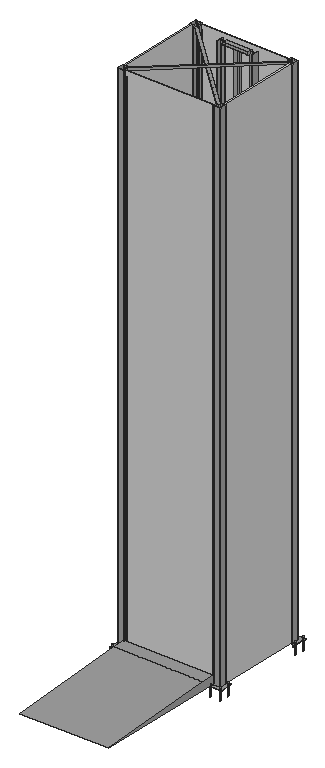
Revit family "SE_Trez_TC_T_300_With_Ramp", category Specialty Equipment, Revit 2019
Family settings
  Round Connector Dimension = Use Diameter
  Part Type = Normal
  Work Plane-Based = No
  Always vertical = Yes
  Cut with Voids When Loaded = Yes
  Shared = No
  Room Calculation Point = No
Parameters (values of type "Platform-1300x1000mm with Door Height 2500mm")
  Side Clearance = 105.0 mm  # constant formula
  Safe Working Load = 300.00 kg  # constant formula
  Safe Space = if(Cabin or Platform = Cabin, 900.0 mm, if(and(Cabin or Platform = Platform, Door Clear Height > 1900.0 mm), 600.0 mm, 0.0 mm))  # 600.0 mm
  Platform = Speciality_Equipment_Trez_Platform_Sgl_C : Platform
  Door Clear Width = Real Width  # 1300.0 mm
  Door Clear Height = 2500.0 mm
  D-Side = yes
  Clear Width = 1300.0 mm
  URL = "https://trez.bg/en/products/goods-only-lift-tc/tc-t-tower/"
  Tower Width = Real Width + 2 * Side Clearance  # 1510.0 mm
  Tower Depth = Real Depth + Side Clearance + Clearance  # 1430.0 mm
  Tower Cladding Material = TREZ_Steel_Cladding
  Real Width = if(Clear Width < 600.0 mm, 600.0 mm, if(Clear Width > 1300.0 mm, 1300.0 mm, Clear Width))  # 1300.0 mm
  Real Depth = if(Clear Depth < 650.0 mm, 650.0 mm, if(Clear Depth > 1000.0 mm, 1000.0 mm, Clear Depth))  # 1000.0 mm
  Profiles Material = TREZ_Steel
  Platform Material = TREZ_Steel
  Ramp Height = 120.0 mm  # constant formula
  Travel = 4500.0 mm
  Rail Height = Travel + Headroom  # 7600.0 mm
  Model = "TC T 300"
  Manufacturer = "TREZ Ltd."
  Headroom = Door Clear Height + Safe Space  # 3100.0 mm
  Description = "TC T is the best choice when the budget is small, but the safety requirements are high. TC T is not fixed forever to the building. It can be installed directly on the ground floor and later dismounted and installed in another place. The TC T complies with the machinery directive 2006/42/EC. From the menu below, you can choose the lift and the tower options to fit perfectly for your project."  # constant formula
  Clear Depth = 1000.0 mm
  Created By URL = "https://all1studio.com/"
  Created By = "All 1 Studio Ltd."
  Clearance = 325.0 mm  # constant formula
  Cabin or Platform = Speciality_Equipment_Trez_Platform_Sgl_C : Platform
  Cabin = Speciality_Equipment_Trez_Cabin_Sgl_C : Cabin
  C-Side = 1 = 1  # yes
  B-Side = yes
  A-Side = no
Reference planes
  plane 1 "Center (Front/Back)": y = 0
  plane 2: z = 0
  plane 3 "Center (Left/Right)": x = 0
  plane 4: x = -650
  plane 5: x = 650
  plane 6: y = 500
  plane 7: y = -500
  plane 8: x = 755
  plane 9: y = 825
  plane 10: x = -755
  plane 11: y = -605
  plane 12: x = 700
  plane 13: x = -700
  plane 14: y = 770
  plane 15: y = -550
  plane 16: z = 4500
  plane 17 "Top of Lift": z = 7600
  plane 18 "Ramp": z = 120
  plane 19: x = -708.5
  plane 20: x = 708.5
  plane 21: x = -739.032
  plane 22: x = -721.032
  plane 23: y = 809
  plane 24: y = 791
  plane 25: x = 739
  plane 26: x = 721
  plane 27: y = -589
  plane 28: y = -571
  plane 29: x = -815
  plane 30: y = 885
  plane 31: x = 815
  plane 32: y = -665
  plane 33: z = 7540
  plane 34: z = 40
  plane 35: z = -145
  plane 36: y = 638.5
  plane 37: y = 1035
  plane 38: x = -650
  plane 39: y = -500
  plane 40: x = 650
  plane 41: y = 720
Forms (mm)
  Extrusion 1, solid, material "TREZ_Steel_Cladding" <- "Tower Cladding Material", detail levels coarse+medium
    sketch origin (0, 0, 0) x (1, 0, 0) y (0, 1, 0)
      loop
        line (-755, -605) -> (-650, -605) -> (-650, -589) -> (650, -589) -> (650, -605) -> (755, -605) -> (755, -500) -> (739, -500) -> (739, 720) -> (755, 720) -> (755, 825) -> (650, 825) -> (650, 809) -> (-650, 809) -> (-650, 825) -> (-755, 825) -> (-755, 720) -> (-739.032, 720) -> (-739.032, -500) -> (-755, -500) -> (-755, -605)
      loop
        line (-700, -550) -> (-650, -550) -> (-650, -571) -> (650, -571) -> (650, -550) -> (700, -550) -> (700, -500) -> (721, -500) -> (721, 720) -> (700, 720) -> (700, 770) -> (650, 770) -> (650, 791) -> (-650, 791) -> (-650, 770) -> (-700, 770) -> (-700, 720) -> (-721.032, 720) -> (-721.032, -500) -> (-700, -500) -> (-700, -550)
    from 0 to 7600
  Extrusion 2, solid, material "TREZ_Steel" <- "Profiles Material", detail levels fine
    sketch origin (0, 0, 0) x (1, 0, 0) y (0, 1, 0)
      loop
        arc (-755, -598) -> (-752.95, -602.95) -> (-748, -605) r 7
        line (-748, -605) -> (-657, -605)
        arc (-657, -605) -> (-652.05, -602.95) -> (-650, -598) r 7
        line (-650, -598) -> (-650, -557)
        arc (-650, -557) -> (-652.05, -552.05) -> (-657, -550) r 7
        line (-657, -550) -> (-693, -550)
        arc (-693, -550) -> (-697.95, -547.95) -> (-700, -543) r 7
        line (-700, -543) -> (-700, -507)
        arc (-700, -507) -> (-702.05, -502.05) -> (-707, -500) r 7
        line (-707, -500) -> (-748, -500)
        arc (-748, -500) -> (-752.95, -502.05) -> (-755, -507) r 7
        line (-755, -507) -> (-755, -598)
      loop
        line (-653, -598) -> (-653, -557)
        arc (-653, -557) -> (-654.172, -554.172) -> (-657, -553) r 4
        line (-657, -553) -> (-693, -553)
        arc (-693, -553) -> (-700.071, -550.071) -> (-703, -543) r 10
        line (-703, -543) -> (-703, -507)
        arc (-703, -507) -> (-704.172, -504.172) -> (-707, -503) r 4
        line (-707, -503) -> (-748, -503)
        arc (-748, -503) -> (-750.828, -504.172) -> (-752, -507) r 4
        line (-752, -507) -> (-752, -598)
        arc (-752, -598) -> (-750.828, -600.828) -> (-748, -602) r 4
        line (-748, -602) -> (-657, -602)
        arc (-657, -602) -> (-654.172, -600.828) -> (-653, -598) r 4
      loop
        line (755, -598) -> (755, -507)
        arc (755, -507) -> (752.95, -502.05) -> (748, -500) r 7
        line (748, -500) -> (707, -500)
        arc (707, -500) -> (702.05, -502.05) -> (700, -507) r 7
        line (700, -507) -> (700, -543)
        arc (700, -543) -> (697.95, -547.95) -> (693, -550) r 7
        line (693, -550) -> (657, -550)
        arc (657, -550) -> (652.05, -552.05) -> (650, -557) r 7
        line (650, -557) -> (650, -598)
        arc (650, -598) -> (652.05, -602.95) -> (657, -605) r 7
        line (657, -605) -> (748, -605)
        arc (748, -605) -> (752.95, -602.95) -> (755, -598) r 7
      loop
        arc (653, -598) -> (654.172, -600.828) -> (657, -602) r 4
        line (657, -602) -> (748, -602)
        arc (748, -602) -> (750.828, -600.828) -> (752, -598) r 4
        line (752, -598) -> (752, -507)
        arc (752, -507) -> (750.828, -504.172) -> (748, -503) r 4
        line (748, -503) -> (707, -503)
        arc (707, -503) -> (704.172, -504.172) -> (703, -507) r 4
        line (703, -507) -> (703, -543)
        arc (703, -543) -> (700.071, -550.071) -> (693, -553) r 10
        line (693, -553) -> (657, -553)
        arc (657, -553) -> (654.172, -554.172) -> (653, -557) r 4
        line (653, -557) -> (653, -598)
      loop
        line (-755, 818) -> (-755, 727)
        arc (-755, 727) -> (-752.95, 722.05) -> (-748, 720) r 7
        line (-748, 720) -> (-707, 720)
        arc (-707, 720) -> (-702.05, 722.05) -> (-700, 727) r 7
        line (-700, 727) -> (-700, 763)
        arc (-700, 763) -> (-697.95, 767.95) -> (-693, 770) r 7
        line (-693, 770) -> (-657, 770)
        arc (-657, 770) -> (-652.05, 772.05) -> (-650, 777) r 7
        line (-650, 777) -> (-650, 818)
        arc (-650, 818) -> (-652.05, 822.95) -> (-657, 825) r 7
        line (-657, 825) -> (-748, 825)
        arc (-748, 825) -> (-752.95, 822.95) -> (-755, 818) r 7
      loop
        arc (-653, 818) -> (-654.172, 820.828) -> (-657, 822) r 4
        line (-657, 822) -> (-748, 822)
        arc (-748, 822) -> (-750.828, 820.828) -> (-752, 818) r 4
        line (-752, 818) -> (-752, 727)
        arc (-752, 727) -> (-750.828, 724.172) -> (-748, 723) r 4
        line (-748, 723) -> (-707, 723)
        arc (-707, 723) -> (-704.172, 724.172) -> (-703, 727) r 4
        line (-703, 727) -> (-703, 763)
        arc (-703, 763) -> (-700.071, 770.071) -> (-693, 773) r 10
        line (-693, 773) -> (-657, 773)
        arc (-657, 773) -> (-654.172, 774.172) -> (-653, 777) r 4
        line (-653, 777) -> (-653, 818)
      loop
        arc (755, 818) -> (752.95, 822.95) -> (748, 825) r 7
        line (748, 825) -> (657, 825)
        arc (657, 825) -> (652.05, 822.95) -> (650, 818) r 7
        line (650, 818) -> (650, 777)
        arc (650, 777) -> (652.05, 772.05) -> (657, 770) r 7
        line (657, 770) -> (693, 770)
        arc (693, 770) -> (697.95, 767.95) -> (700, 763) r 7
        line (700, 763) -> (700, 727)
        arc (700, 727) -> (702.05, 722.05) -> (707, 720) r 7
        line (707, 720) -> (748, 720)
        arc (748, 720) -> (752.95, 722.05) -> (755, 727) r 7
        line (755, 727) -> (755, 818)
      loop
        line (653, 818) -> (653, 777)
        arc (653, 777) -> (654.172, 774.172) -> (657, 773) r 4
        line (657, 773) -> (693, 773)
        arc (693, 773) -> (700.071, 770.071) -> (703, 763) r 10
        line (703, 763) -> (703, 727)
        arc (703, 727) -> (704.172, 724.172) -> (707, 723) r 4
        line (707, 723) -> (748, 723)
        arc (748, 723) -> (750.828, 724.172) -> (752, 727) r 4
        line (752, 727) -> (752, 818)
        arc (752, 818) -> (750.828, 820.828) -> (748, 822) r 4
        line (748, 822) -> (657, 822)
        arc (657, 822) -> (654.172, 820.828) -> (653, 818) r 4
    from 5 to 7600
  Extrusion 3, solid, material "TREZ_Steel_Cladding" <- "Tower Cladding Material", detail levels fine
    sketch origin (0, 0, 0) x (1, 0, 0) y (0, 1, 0)
      loop
        line (739, 720) -> (721, 720) -> (721, -500) -> (739, -500) -> (739, 720)
      loop
        line (650, 809) -> (-650, 809) -> (-650, 791) -> (650, 791) -> (650, 809)
      loop
        line (650, -571) -> (-650, -571) -> (-650, -589) -> (650, -589) -> (650, -571)
      loop
        line (-721.032, -500) -> (-721.032, 720) -> (-739.032, 720) -> (-739.032, -500) -> (-721.032, -500)
    from 0 to 7600
  Extrusion 4, solid, material "TREZ_Steel" <- "Profiles Material", detail levels fine
    sketch origin (0, 0, 0) x (1, 0, 0) y (0, 1, 0)
      loop
        arc (-637, -665) -> (-632.05, -662.95) -> (-630, -658) r 7
        line (-630, -658) -> (-630, -605) -> (-650, -605) -> (-650, -550) -> (-700, -550) -> (-700, -500) -> (-755, -500) -> (-755, -480) -> (-808, -480)
        arc (-808, -480) -> (-812.95, -482.05) -> (-815, -487) r 7
        line (-815, -487) -> (-815, -658)
        arc (-815, -658) -> (-812.95, -662.95) -> (-808, -665) r 7
        line (-808, -665) -> (-637, -665)
      loop
        line (637, -665) -> (808, -665)
        arc (808, -665) -> (812.95, -662.95) -> (815, -658) r 7
        line (815, -658) -> (815, -487)
        arc (815, -487) -> (812.95, -482.05) -> (808, -480) r 7
        line (808, -480) -> (755, -480) -> (755, -500) -> (700, -500) -> (700, -550) -> (650, -550) -> (650, -605) -> (630, -605) -> (630, -658)
        arc (630, -658) -> (632.05, -662.95) -> (637, -665) r 7
      loop
        line (-637, 885) -> (-808, 885)
        arc (-808, 885) -> (-812.95, 882.95) -> (-815, 878) r 7
        line (-815, 878) -> (-815, 707)
        arc (-815, 707) -> (-812.95, 702.05) -> (-808, 700) r 7
        line (-808, 700) -> (-755, 700) -> (-755, 720) -> (-700, 720) -> (-700, 770) -> (-650, 770) -> (-650, 825) -> (-630, 825) -> (-630, 878)
        arc (-630, 878) -> (-632.05, 882.95) -> (-637, 885) r 7
      loop
        arc (637, 885) -> (632.05, 882.95) -> (630, 878) r 7
        line (630, 878) -> (630, 825) -> (650, 825) -> (650, 770) -> (700, 770) -> (700, 720) -> (755, 720) -> (755, 700) -> (808, 700)
        arc (808, 700) -> (812.95, 702.05) -> (815, 707) r 7
        line (815, 707) -> (815, 878)
        arc (815, 878) -> (812.95, 882.95) -> (808, 885) r 7
        line (808, 885) -> (637, 885)
    from 5 to 0
  Sweep 5, solid, material "TREZ_Steel" <- "Profiles Material", detail levels fine
    path origin (0, 0, 7600) x (-1, 0, 0) y (0, -1, 0)
      loop
        line (700, 550) -> (-700, -770)
    profile origin (0, 110, 7600) x (-0.686013, 0.727589, 0) y (0, 0, 1)
      loop
        line (15, 0) -> (-15, 0) -> (-15, -30) -> (15, -30) -> (15, 0)
  Sweep 6, solid, material "TREZ_Steel" <- "Profiles Material", detail levels fine
    path origin (0, 0, 7600) x (-1, 0, 0) y (0, -1, 0)
      loop
        line (700, -770) -> (-700, 550)
    profile origin (0, 110, 7600) x (0.686013, 0.727589, 0) y (0, 0, 1)
      loop
        line (-15, -60) -> (15, -60) -> (15, -30) -> (-15, -30) -> (-15, -60)
  Extrusion 7, void
    sketch origin (0, 0, 7600) x (-1, 0, 0) y (0, -1, 0)
      loop
        arc (707, -505) -> (702.05, -507.05) -> (700, -512) r 7
        line (700, -512) -> (700, -763)
        arc (700, -763) -> (697.95, -767.95) -> (693, -770) r 7
        line (693, -770) -> (657, -770)
        arc (657, -770) -> (652.05, -772.05) -> (650, -777) r 7
        line (650, -777) -> (650, -818)
        arc (650, -818) -> (652.05, -822.95) -> (657, -825) r 7
        line (657, -825) -> (748, -825)
        arc (748, -825) -> (752.95, -822.95) -> (755, -818) r 7
        line (755, -818) -> (755, -512)
        arc (755, -512) -> (752.95, -507.05) -> (748, -505) r 7
        line (748, -505) -> (707, -505)
      loop
        arc (-650, -777) -> (-652.05, -772.05) -> (-657, -770) r 7
        line (-657, -770) -> (-693, -770)
        arc (-693, -770) -> (-697.95, -767.95) -> (-700, -763) r 7
        line (-700, -763) -> (-700, -512)
        arc (-700, -512) -> (-702.05, -507.05) -> (-707, -505) r 7
        line (-707, -505) -> (-748, -505)
        arc (-748, -505) -> (-752.95, -507.05) -> (-755, -512) r 7
        line (-755, -512) -> (-755, -818)
        arc (-755, -818) -> (-752.95, -822.95) -> (-748, -825) r 7
        line (-748, -825) -> (-657, -825)
        arc (-657, -825) -> (-652.05, -822.95) -> (-650, -818) r 7
        line (-650, -818) -> (-650, -777)
      loop
        arc (-707, 465) -> (-702.05, 467.05) -> (-700, 472) r 7
        line (-700, 472) -> (-700, 543)
        arc (-700, 543) -> (-697.95, 547.95) -> (-693, 550) r 7
        line (-693, 550) -> (-657, 550)
        arc (-657, 550) -> (-652.05, 552.05) -> (-650, 557) r 7
        line (-650, 557) -> (-650, 598)
        arc (-650, 598) -> (-652.05, 602.95) -> (-657, 605) r 7
        line (-657, 605) -> (-748, 605)
        arc (-748, 605) -> (-752.95, 602.95) -> (-755, 598) r 7
        line (-755, 598) -> (-755, 472)
        arc (-755, 472) -> (-752.95, 467.05) -> (-748, 465) r 7
        line (-748, 465) -> (-707, 465)
      loop
        arc (700, 472) -> (702.05, 467.05) -> (707, 465) r 7
        line (707, 465) -> (748, 465)
        arc (748, 465) -> (752.95, 467.05) -> (755, 472) r 7
        line (755, 472) -> (755, 598)
        arc (755, 598) -> (752.95, 602.95) -> (748, 605) r 7
        line (748, 605) -> (657, 605)
        arc (657, 605) -> (652.05, 602.95) -> (650, 598) r 7
        line (650, 598) -> (650, 557)
        arc (650, 557) -> (652.05, 552.05) -> (657, 550) r 7
        line (657, 550) -> (693, 550)
        arc (693, 550) -> (697.95, 547.95) -> (700, 543) r 7
        line (700, 543) -> (700, 472)
    from -60 to 0
  Extrusion 8, solid, material "TREZ_Steel" <- "Profiles Material", detail levels fine
    sketch origin (0, 0, 0) x (1, 0, 0) y (0, 1, 0)
      loop
        circle (-790.697, -649.303) r 6
      loop
        circle (-645.697, -649.303) r 6
      loop
        circle (-790.697, -504.303) r 6
      loop
        circle (790.697, -649.303) r 6
      loop
        circle (645.697, -649.303) r 6
      loop
        circle (790.697, -504.303) r 6
      loop
        circle (-790.697, 869.303) r 6
      loop
        circle (-645.697, 869.303) r 6
      loop
        circle (-790.697, 724.303) r 6
      loop
        circle (790.697, 869.303) r 6
      loop
        circle (645.697, 869.303) r 6
      loop
        circle (790.697, 724.303) r 6
    from -145 to 40
Cuts and joins
  Extrusion 7 cuts Sweep 5
  Extrusion 7 cuts Sweep 6
  joined: Extrusion 4, Extrusion 8
Lines and regions (mm)
  symbolic lines, style "Profiles"
    curve 1: line (-755, 825, 0) -> (-650, 825, 0)
    curve 2: line (-650, 825, 0) -> (-650, 770, 0)
    curve 3: line (-650, 770, 0) -> (-700, 770, 0)
    curve 4: line (-700, 770, 0) -> (-700, 720, 0)
    curve 5: line (-700, 720, 0) -> (-755, 720, 0)
    curve 6: line (-755, 720, 0) -> (-755, 825, 0)
    curve 7: line (650, 825, 0) -> (755, 825, 0)
    curve 8: line (755, 825, 0) -> (755, 720, 0)
    curve 9: line (755, 720, 0) -> (700, 720, 0)
    curve 10: line (700, 720, 0) -> (700, 770, 0)
    curve 11: line (700, 770, 0) -> (650, 770, 0)
    curve 12: line (650, 770, 0) -> (650, 825, 0)
    curve 13: line (-755, -500, 0) -> (-700, -500, 0)
    curve 14: line (-700, -500, 0) -> (-700, -550, 0)
    curve 15: line (-700, -550, 0) -> (-650, -550, 0)
    curve 16: line (-650, -550, 0) -> (-650, -605, 0)
    curve 17: line (-650, -605, 0) -> (-755, -605, 0)
    curve 18: line (-755, -605, 0) -> (-755, -500, 0)
    curve 19: line (650, -550, 0) -> (700, -550, 0)
    curve 20: line (700, -550, 0) -> (700, -500, 0)
    curve 21: line (700, -500, 0) -> (755, -500, 0)
    curve 22: line (755, -500, 0) -> (755, -605, 0)
    curve 23: line (755, -605, 0) -> (650, -605, 0)
    curve 24: line (650, -550, 0) -> (650, -605, 0)
    curve 25: line (739, 720, 0) -> (721, 720, 0)
    curve 26: line (739, -500, 0) -> (739, 720, 0)
    curve 27: line (721, -500, 0) -> (739, -500, 0)
    curve 28: line (721, 720, 0) -> (721, -500, 0)
    curve 29: line (650, -571, 0) -> (-650, -571, 0)
    curve 30: line (650, -589, 0) -> (650, -571, 0)
    curve 31: line (-650, -589, 0) -> (650, -589, 0)
    curve 32: line (-650, -571, 0) -> (-650, -589, 0)
    curve 33: line (-721.032, -500, 0) -> (-739.032, -500, 0)
    curve 34: line (-721.032, 720, 0) -> (-721.032, -500, 0)
    curve 35: line (-739.032, 720, 0) -> (-721.032, 720, 0)
    curve 36: line (-739.032, -500, 0) -> (-739.032, 720, 0)
    curve 37: line (-650, 791, 0) -> (650, 791, 0)
    curve 38: line (-650, 809, 0) -> (-650, 791, 0)
    curve 39: line (650, 809, 0) -> (-650, 809, 0)
    curve 40: line (650, 791, 0) -> (650, 809, 0)
  symbolic lines, style "Platform"
    curve 41: line (-650, 500, 0) -> (650, 500, 0)
    curve 42: line (-650, -500, 0) -> (-650, 500, 0)
    curve 43: line (650, -500, 0) -> (-650, -500, 0)
    curve 44: line (650, 500, 0) -> (650, -500, 0)
    curve 45: line (-650, 500, 0) -> (650, -500, 0)
    curve 46: line (650, 500, 0) -> (-650, -500, 0)
  model lines, style "Profiles", detail levels coarse+medium
    curve 47: line (-700, 770, 7600) -> (700, -550, 7600)
    curve 48: line (700, 770, 7600) -> (-700, -550, 7600)
Dimensions and locks
  equal spacing: plane 4, plane 3 "Center (Left/Right)", plane 5
  "Real Width": plane 4 to plane 5
  equal spacing: plane 7, plane 1 "Center (Front/Back)", plane 6
  "Real Depth": plane 7 to plane 6
  "Side Clearance": plane 7 to plane 11
  locked: plane 12 to plane 8 at 55
  locked: plane 10 to plane 13 at 55
  locked: plane 14 to plane 9 at 55
  locked: plane 15 to plane 11 at 55
  "Travel": plane 16 to level
  locked: plane 10 to plane 19 at 46.5
  locked: plane 20 to plane 8 at 46.5
  plane 10 to plane 21 to plane 22 = 15.968 mm locked, 18.0 mm locked
  plane 24 to plane 23 to plane 9 = 18.0 mm locked, 16.0 mm locked
  plane 26 to plane 25 to plane 8 = 18.0 mm locked, 16.0 mm locked
  plane 28 to plane 27 to plane 11 = 18.0 mm locked, 16.0 mm locked
  locked: plane 29 to plane 10 at 60
  locked: plane 9 to plane 30 at 60
  locked: plane 8 to plane 31 at 60
  locked: plane 11 to plane 32 at 60
  "Headroom": plane 17 "Top of Lift" to plane 16
  locked: plane 17 "Top of Lift" to plane 33 at 60
  locked: plane 34 to level at 40
  locked: level to plane 35 at 145
  "Clearance": plane 6 to plane 9
  locked: plane 36 to plane 9 at 186.5
  locked: plane 9 to plane 37 at 210
  "Side Clearance": plane 10 to plane 4
  "Side Clearance": plane 5 to plane 8
  locked: plane 10 to plane 38 at 105
  locked: plane 39 to plane 11 at 105
  locked: plane 40 to plane 8 at 105
  locked: plane 41 to plane 9 at 105
  plane 9 to plane 11 = 1430.0 mm
  plane 10 to plane 8 = 1510.0 mm
  "Ramp Height": plane 18 "Ramp" to level
  aligned and locked: level to plane 2
  aligned and locked: plane 10 to Extrusion 1 sketch curve
  aligned and locked: plane 13 to Extrusion 1 sketch curve
  aligned and locked: plane 17 "Top of Lift" to Extrusion 1
  aligned and locked: plane 1 "Center (Front/Back)" to nested 1
  aligned and locked: plane 3 "Center (Left/Right)" to nested 1
  aligned and locked: plane 17 "Top of Lift" to Extrusion 2
  aligned and locked: Extrusion 3 sketch curve to plane 25
  aligned and locked: plane 26 to Extrusion 3 sketch curve
  aligned and locked: Extrusion 3 sketch curve to plane 23
  aligned and locked: plane 24 to Extrusion 3 sketch curve
  aligned and locked: plane 28 to Extrusion 3 sketch curve
  aligned and locked: Extrusion 3 sketch curve to plane 27
  aligned and locked: Extrusion 3 sketch curve to plane 22
  aligned and locked: plane 21 to Extrusion 3 sketch curve
  aligned and locked: plane 17 "Top of Lift" to Extrusion 3
  aligned and locked: plane 14 to Sweep 5 sketch curve
  aligned and locked: plane 12 to Sweep 5 sketch curve
  aligned and locked: plane 13 to Sweep 5 sketch curve
  aligned and locked: plane 15 to Sweep 5 sketch curve
  aligned and locked: plane 12 to Sweep 6 sketch curve
  aligned and locked: plane 15 to Sweep 6 sketch curve
  aligned and locked: plane 14 to Sweep 6 sketch curve
  aligned and locked: plane 13 to Sweep 6 sketch curve
  aligned and locked: plane 33 to Extrusion 7
  aligned and locked: plane 17 "Top of Lift" to Extrusion 7
  aligned and locked: Extrusion 8 to plane 35
  aligned and locked: plane 34 to Extrusion 8
  aligned and locked: plane 16 to nested 1
  aligned and locked: nested 3 to plane 3 "Center (Left/Right)"
  aligned and locked: plane 36 to nested 3
  aligned and locked: nested 2 to plane 3 "Center (Left/Right)"
  aligned and locked: nested 2 to plane 37
  aligned and locked: plane 4 to curve 42
  aligned and locked: Extrusion 3 sketch curve to plane 40
  aligned and locked: nested 4 to plane 3 "Center (Left/Right)"
  aligned and locked: plane 27 to nested 4
  aligned and locked: nested 3 to level
Automatic sketch dimensions
  plane 9 to Extrusion 7 sketch curve = 0.0 mm  (x2)
  plane 14 to Extrusion 7 sketch curve = 0.0 mm  (x2)
  Extrusion 7 sketch curve to plane 13 = 0.0 mm  (x2)
  Extrusion 7 sketch curve to plane 10 = 0.0 mm  (x2)
  Extrusion 7 sketch curve to Extrusion 7 sketch curve = 7.0 mm  (x9)
  plane 13 to Extrusion 7 sketch curve = 43.0 mm
  Extrusion 7 sketch curve to Extrusion 7 sketch curve = 36.0 mm  (x2)
  plane 19 to Extrusion 7 sketch curve = 1.5 mm  (x2)
  plane 10 to Extrusion 7 sketch curve = 7.0 mm
  Extrusion 7 sketch curve to plane 6 = 12.0 mm
  Extrusion 7 sketch curve to plane 8 = 0.0 mm  (x2)
  Extrusion 7 sketch curve to plane 12 = 0.0 mm  (x2)
  Extrusion 7 sketch curve to plane 6 = 5.0 mm
  plane 8 to Extrusion 7 sketch curve = 7.0 mm  (x3)
  plane 20 to Extrusion 7 sketch curve = 1.5 mm  (x2)
  Extrusion 7 sketch curve to plane 14 = 7.0 mm
  Extrusion 7 sketch curve to plane 11 = 0.0 mm  (x2)
  Extrusion 7 sketch curve to plane 15 = 0.0 mm  (x2)
  plane 12 to Extrusion 7 sketch curve = 7.0 mm
  plane 11 to Extrusion 7 sketch curve = 7.0 mm  (x2)
  plane 12 to Extrusion 7 sketch curve = 43.0 mm
  Extrusion 7 sketch curve to plane 15 = 7.0 mm
  plane 7 to Extrusion 7 sketch curve = 35.0 mm  (x2)
  plane 13 to Extrusion 7 sketch curve = 50.0 mm
  plane 13 to Extrusion 7 sketch curve = 7.0 mm
  curve 47 to plane 12 = 0.0 mm
  curve 48 to plane 12 = 0.0 mm
  curve 48 to plane 13 = 0.0 mm
  curve 47 to plane 13 = 0.0 mm
  plane 14 to curve 48 = 0.0 mm
  plane 14 to curve 47 = 0.0 mm
  curve 48 to plane 15 = 0.0 mm
  curve 47 to plane 15 = 0.0 mm
  plane 17 "Top of Lift" to Sweep 5 sketch curve = 0.0 mm
  profile plane to Sweep 5 sketch curve = 15.0 mm
  Sweep 5 sketch curve to profile plane = 15.0 mm
  Sweep 5 sketch curve to Sweep 5 sketch curve = 30.0 mm
  profile plane to Sweep 6 sketch curve = 15.0 mm
  Sweep 6 sketch curve to profile plane = 15.0 mm
  Sweep 6 sketch curve to plane 17 "Top of Lift" = 60.0 mm
  Sweep 6 sketch curve to plane 17 "Top of Lift" = 30.0 mm
  Extrusion 2 sketch curve to Extrusion 2 sketch curve = 0.0 mm  (x48)
  Extrusion 2 sketch curve to plane 10 = 0.0 mm  (x2)
  Extrusion 2 sketch curve to plane 11 = 0.0 mm  (x2)
  plane 41 to Extrusion 2 sketch curve = 0.0 mm  (x2)
  plane 9 to Extrusion 2 sketch curve = 0.0 mm  (x2)
  plane 39 to Extrusion 2 sketch curve = 0.0 mm  (x2)
  Extrusion 2 sketch curve to plane 13 = 0.0 mm  (x2)
  plane 14 to Extrusion 2 sketch curve = 0.0 mm  (x2)
  Extrusion 2 sketch curve to plane 15 = 0.0 mm  (x2)
  Extrusion 2 sketch curve to plane 38 = 0.0 mm  (x2)
  Extrusion 2 sketch curve to plane 40 = 0.0 mm  (x2)
  Extrusion 2 sketch curve to plane 12 = 0.0 mm  (x2)
  Extrusion 2 sketch curve to plane 8 = 0.0 mm  (x2)
  Extrusion 2 sketch curve to Extrusion 2 sketch curve = 3.0 mm  (x2)
  plane 10 to Extrusion 2 sketch curve = 3.0 mm
  plane 10 to Extrusion 2 sketch curve = 7.0 mm  (x2)
  Extrusion 2 sketch curve to Extrusion 2 sketch curve = 4.0 mm  (x12)
  plane 19 to Extrusion 2 sketch curve = 1.5 mm  (x2)
  Extrusion 2 sketch curve to Extrusion 2 sketch curve = 7.0 mm  (x2)
  plane 13 to Extrusion 2 sketch curve = 7.0 mm
  Extrusion 2 sketch curve to plane 40 = 3.0 mm
  Extrusion 2 sketch curve to plane 40 = 7.0 mm
  plane 12 to Extrusion 2 sketch curve = 7.0 mm
  plane 20 to Extrusion 2 sketch curve = 1.5 mm  (x2)
  plane 8 to Extrusion 2 sketch curve = 7.0 mm
  plane 9 to curve 1 = 0.0 mm
  curve 1 to plane 10 = 0.0 mm
  curve 13 to plane 10 = 0.0 mm
  curve 35 to plane 21 = 0.0 mm
  curve 34 to plane 22 = 0.0 mm
  curve 5 to plane 13 = 0.0 mm
  curve 14 to plane 13 = 0.0 mm
  curve 16 to plane 15 = 0.0 mm
  curve 16 to plane 38 = 0.0 mm
  plane 23 to curve 38 = 0.0 mm
  curve 38 to plane 38 = 0.0 mm
  curve 32 to plane 27 = 0.0 mm
  curve 32 to plane 38 = 0.0 mm
  curve 1 to plane 38 = 0.0 mm
  curve 45 to plane 5 = 0.0 mm
  plane 24 to curve 40 = 0.0 mm
  curve 40 to plane 40 = 0.0 mm
  plane 9 to curve 7 = 0.0 mm
  curve 7 to plane 40 = 0.0 mm
  curve 24 to plane 11 = 0.0 mm
  curve 24 to plane 40 = 0.0 mm
  curve 29 to plane 28 = 0.0 mm
  curve 29 to plane 40 = 0.0 mm
  curve 19 to plane 12 = 0.0 mm
  curve 10 to plane 12 = 0.0 mm
  curve 25 to plane 26 = 0.0 mm
  curve 26 to plane 25 = 0.0 mm
  curve 22 to plane 8 = 0.0 mm
  curve 7 to plane 8 = 0.0 mm
  curve 16 to plane 11 = 0.0 mm
  curve 19 to plane 15 = 0.0 mm
  plane 39 to curve 13 = 0.0 mm
  plane 39 to curve 26 = 0.0 mm
  plane 39 to curve 33 = 0.0 mm
  plane 39 to curve 22 = 0.0 mm
  plane 41 to curve 25 = 0.0 mm
  plane 41 to curve 10 = 0.0 mm
  plane 41 to curve 36 = 0.0 mm
  plane 41 to curve 4 = 0.0 mm
  plane 14 to curve 12 = 0.0 mm
  plane 14 to curve 4 = 0.0 mm
  Extrusion 1 sketch curve to plane 10 = 0.0 mm
  Extrusion 1 sketch curve to plane 21 = 0.0 mm
  Extrusion 1 sketch curve to plane 22 = 0.0 mm
  Extrusion 1 sketch curve to plane 13 = 0.0 mm
  Extrusion 1 sketch curve to plane 15 = 0.0 mm  (x2)
  Extrusion 1 sketch curve to plane 38 = 0.0 mm  (x4)
  plane 24 to Extrusion 1 sketch curve = 0.0 mm
  Extrusion 1 sketch curve to plane 11 = 0.0 mm  (x2)
  plane 9 to Extrusion 1 sketch curve = 0.0 mm  (x2)
  Extrusion 1 sketch curve to plane 40 = 0.0 mm  (x4)
  plane 23 to Extrusion 1 sketch curve = 0.0 mm
  Extrusion 1 sketch curve to plane 12 = 0.0 mm  (x2)
  Extrusion 1 sketch curve to plane 26 = 0.0 mm
  Extrusion 1 sketch curve to plane 25 = 0.0 mm
  Extrusion 1 sketch curve to plane 8 = 0.0 mm  (x2)
  Extrusion 1 sketch curve to plane 27 = 0.0 mm
  Extrusion 1 sketch curve to plane 28 = 0.0 mm
  plane 39 to Extrusion 1 sketch curve = 0.0 mm  (x4)
  plane 41 to Extrusion 1 sketch curve = 0.0 mm  (x4)
  plane 14 to Extrusion 1 sketch curve = 0.0 mm  (x2)
  Extrusion 4 sketch curve to plane 29 = 0.0 mm  (x2)
  plane 30 to Extrusion 4 sketch curve = 0.0 mm  (x2)
  Extrusion 4 sketch curve to plane 32 = 0.0 mm  (x2)
  Extrusion 4 sketch curve to plane 10 = 0.0 mm  (x2)
  Extrusion 4 sketch curve to plane 13 = 0.0 mm  (x2)
  Extrusion 4 sketch curve to plane 11 = 0.0 mm  (x2)
  Extrusion 4 sketch curve to plane 38 = 0.0 mm  (x2)
  plane 14 to Extrusion 4 sketch curve = 0.0 mm  (x2)
  plane 9 to Extrusion 4 sketch curve = 0.0 mm  (x2)
  Extrusion 4 sketch curve to plane 40 = 0.0 mm  (x2)
  Extrusion 4 sketch curve to plane 15 = 0.0 mm  (x2)
  Extrusion 4 sketch curve to plane 12 = 0.0 mm  (x2)
  Extrusion 4 sketch curve to plane 8 = 0.0 mm  (x2)
  Extrusion 4 sketch curve to plane 31 = 0.0 mm  (x2)
  plane 39 to Extrusion 4 sketch curve = 0.0 mm  (x2)
  plane 41 to Extrusion 4 sketch curve = 0.0 mm  (x2)
  Extrusion 4 sketch curve to Extrusion 4 sketch curve = 7.0 mm  (x3)
  plane 29 to Extrusion 4 sketch curve = 7.0 mm  (x3)
  plane 38 to Extrusion 4 sketch curve = 13.0 mm  (x2)
  Extrusion 4 sketch curve to Extrusion 4 sketch curve = 20.0 mm  (x3)
  plane 40 to Extrusion 4 sketch curve = 20.0 mm
  plane 31 to Extrusion 4 sketch curve = 7.0 mm  (x4)
  Extrusion 4 sketch curve to plane 39 = 13.0 mm  (x2)
  plane 41 to Extrusion 4 sketch curve = 20.0 mm  (x2)
  plane 29 to Extrusion 8 sketch curve = 24.303 mm  (x4)
  plane 39 to Extrusion 8 sketch curve = 4.303 mm  (x2)
  Extrusion 8 sketch curve to plane 41 = 4.303 mm  (x2)
  plane 38 to Extrusion 8 sketch curve = 4.303 mm  (x2)
  plane 40 to Extrusion 8 sketch curve = 4.303 mm  (x2)
  plane 31 to Extrusion 8 sketch curve = 24.303 mm  (x4)
  plane 32 to Extrusion 8 sketch curve = 15.697 mm  (x4)
  plane 30 to Extrusion 8 sketch curve = 15.697 mm  (x4)
  Extrusion 3 sketch curve to plane 4 = 0.0 mm  (x2)
  Extrusion 3 sketch curve to plane 5 = 0.0 mm
  Extrusion 3 sketch curve to plane 7 = 0.0 mm  (x2)
  plane 41 to Extrusion 3 sketch curve = 0.0 mm  (x2)
  plane 6 to curve 46 = 0.0 mm
  curve 42 to plane 7 = 0.0 mm
  radius of Extrusion 8 sketch curve = 6.0 mm  (x12)
Nested families
  nested 1: "Speciality_Equipment_Trez_Platform_Sgl_C" at (0, 0, 4500), type <- "Cabin or Platform", type "Platform"
    with D-Side yes, B-Side yes
  nested 2: "Electrical_Equpment_Trez_Cabinet" at (0, 1035, 0) x (-1, 0, 0) z (0, 0, 1), type "Cabinet"
  nested 3: "Generic_Model_Trez_Rails_Sgl_C" at (0, 638.5, 0) x (0, -1, 0) z (0, 0, 1), type "Rails"
    with Height 7600.0 mm
  nested 4: "Generic_Model_Trez_Ramp" at (0, -689, 0), type "4 Degree Ramp"
    with Ramp Width 1300.0 mm
Definition of nested family "Speciality_Equipment_Trez_Platform_Sgl_C"
  Parameters (values of type "Platform")
    Width = 1300.0 mm
    Platform Material = none
    Depth = 1000.0 mm
    D-Side = no
    C-Side = yes
    B-Side = no
    A-Side = no
  Reference planes
    plane 1 "Center (Front/Back)": y = 0
    plane 2 "Bottom": z = 0
    plane 3 "Center (Left/Right)": x = 0
    plane 4: x = 650
    plane 5: x = -650
    plane 6: y = 500
    plane 7: y = -500
    plane 8: y = 535
    plane 9: z = -89
    plane 10: z = 709
    plane 11: x = -685
    plane 12: x = 685
    plane 13: y = -535
  Forms (mm)
    Extrusion 1, solid, material <- "Platform Material", visible <- "C-Side"
      sketch origin (0, 0, 0) x (1, 0, 0) y (0, 1, 0)
        loop
          line (-650, 535) -> (-650, 500) -> (650, 500) -> (650, 535) -> (-650, 535)
      from -89 to 709
    Extrusion 2, solid, material <- "Platform Material", detail levels coarse+medium
      sketch origin (0, 0, 0) x (1, 0, 0) y (0, 0, 1)
        loop
          line (-650, 0) -> (-650, -89) -> (650, -89) -> (650, 0) -> (-650, 0)
      from -500 to 500
    Extrusion 3, solid, material <- "Platform Material", detail levels fine
      sketch origin (0, 0, 0) x (1, 0, 0) y (0, 0, 1)
        loop
          line (-650, 0) -> (-650, -74)
          arc (-650, -74) -> (-645.607, -84.607) -> (-635, -89) r 15
          line (-635, -89) -> (635, -89)
          arc (635, -89) -> (645.607, -84.607) -> (650, -74) r 15
          line (650, -74) -> (650, 0) -> (-650, 0)
      from -500 to 500
    Extrusion 4, solid, material <- "Platform Material", visible <- "A-Side"
      sketch origin (0, -1035, 0) x (1, 0, 0) y (0, 1, 0)
        loop
          line (-650, 535) -> (-650, 500) -> (650, 500) -> (650, 535) -> (-650, 535)
      from -89 to 709
    Extrusion 5, solid, material <- "Platform Material", visible <- "D-Side"
      sketch origin (31.413, 20.624, 0) x (0, -1, 0) y (1, 0, 0)
        loop
          line (-514.376, 653.587) -> (-514.376, 618.587) -> (555.624, 618.587) -> (555.624, 653.587) -> (-514.376, 653.587)
      from -89 to 709
    Extrusion 6, solid, material <- "Platform Material", visible <- "B-Side"
      sketch origin (-1003.587, 20.624, 0) x (0, -1, 0) y (1, 0, 0)
        loop
          line (-514.376, 353.587) -> (-514.376, 318.587) -> (555.624, 318.587) -> (555.624, 353.587) -> (-514.376, 353.587)
      from -89 to 709
  Dimensions and locks
    equal spacing: plane 5, plane 3 "Center (Left/Right)", plane 4
    "Width": plane 5 to plane 4
    equal spacing: plane 7, plane 1 "Center (Front/Back)", plane 6
    "Depth": plane 6 to plane 7
    locked: plane 8 to plane 6 at 35
    locked: plane 2 "Bottom" to plane 9 at 89
    locked: plane 10 to plane 2 "Bottom" at 709
    locked: plane 11 to plane 5 at 35
    locked: plane 4 to plane 12 at 35
    locked: plane 13 to plane 7 at 35
    aligned and locked: level to plane 2 "Bottom"
    aligned and locked: Extrusion 1 sketch curve to plane 8
    aligned and locked: Extrusion 2 sketch curve to plane 2 "Bottom"
    aligned and locked: Extrusion 2 sketch curve to plane 9
    aligned and locked: plane 6 to Extrusion 2
    aligned and locked: plane 7 to Extrusion 2
    aligned and locked: Extrusion 3 sketch curve to plane 2 "Bottom"
    aligned and locked: Extrusion 3 sketch curve to plane 9
    aligned and locked: plane 7 to Extrusion 3
    aligned and locked: plane 6 to Extrusion 3
    aligned and locked: Extrusion 1 to plane 9
    aligned and locked: plane 5 to Extrusion 3
    aligned and locked: plane 5 to Extrusion 2
    aligned and locked: plane 5 to Extrusion 1
    aligned and locked: plane 4 to Extrusion 3
    aligned and locked: plane 4 to Extrusion 2
    aligned and locked: plane 4 to Extrusion 1
    aligned and locked: Extrusion 4 to plane 7
    aligned and locked: plane 13 to Extrusion 4
    aligned and locked: plane 4 to Extrusion 4
    aligned and locked: plane 5 to Extrusion 4
    aligned and locked: plane 12 to Extrusion 5
    aligned and locked: Extrusion 5 to plane 4
    aligned and locked: plane 8 to Extrusion 5
    aligned and locked: plane 13 to Extrusion 5
    aligned and locked: plane 11 to Extrusion 6
    aligned and locked: Extrusion 6 to plane 5
    aligned and locked: plane 8 to Extrusion 6
    aligned and locked: plane 13 to Extrusion 6
  Automatic sketch dimensions
    Extrusion 1 sketch curve to plane 5 = 0.0 mm
    Extrusion 1 sketch curve to plane 4 = 0.0 mm
    Extrusion 1 sketch curve to plane 6 = 0.0 mm
    plane 5 to Extrusion 2 sketch curve = 0.0 mm
    Extrusion 2 sketch curve to plane 4 = 0.0 mm
    plane 5 to Extrusion 3 sketch curve = 0.0 mm
    Extrusion 3 sketch curve to plane 4 = 0.0 mm
    Extrusion 3 sketch curve to plane 5 = 15.0 mm
    Extrusion 3 sketch curve to plane 4 = 15.0 mm
    Extrusion 4 sketch curve to plane 5 = 0.0 mm
    Extrusion 4 sketch curve to plane 4 = 0.0 mm
    plane 13 to Extrusion 4 sketch curve = 0.0 mm
    plane 7 to Extrusion 4 sketch curve = 0.0 mm
    plane 8 to Extrusion 5 sketch curve = 0.0 mm
    plane 13 to Extrusion 5 sketch curve = 0.0 mm
    Extrusion 5 sketch curve to plane 12 = 35.0 mm
    Extrusion 5 sketch curve to Extrusion 5 sketch curve = 35.0 mm
    plane 8 to Extrusion 6 sketch curve = 0.0 mm
    plane 13 to Extrusion 6 sketch curve = 0.0 mm
    Extrusion 6 sketch curve to plane 12 = 1370.0 mm
    Extrusion 6 sketch curve to Extrusion 6 sketch curve = 35.0 mm
Definition of nested family "Electrical_Equpment_Trez_Cabinet"
  Parameters (values of type "SE_Trez_Cabinet")
    Width = 584.0 mm
    Depth = 348.0 mm
    Cabinet Material = none
  Reference planes
    plane 1 "Center (Front/Back)": y = 0
    plane 2: z = 0
    plane 3 "Center (Left/Right)": x = 0
    plane 4: x = -292
    plane 5: x = 292
    plane 6: y = 174
    plane 7: y = -174
    plane 8: z = 100
    plane 9: z = 1000
    plane 10: x = -257
    plane 11: x = 257
  Forms (mm)
    Extrusion 1, solid, material <- "Cabinet Material", detail levels fine
      sketch origin (0, 0, 0) x (1, 0, 0) y (0, 1, 0)
        loop
          line (-292, 174) -> (-292, -174) -> (292, -174) -> (292, 174) -> (-292, 174)
      from 100 to 1000
    Extrusion 2, solid, material <- "Cabinet Material", detail levels fine
      sketch origin (0, 0, 0) x (1, 0, 0) y (0, 1, 0)
        loop
          line (-257, 174) -> (-292, 174) -> (-292, -174) -> (-257, -174) -> (-257, 174)
        loop
          line (257, 174) -> (257, -174) -> (292, -174) -> (292, 174) -> (257, 174)
      from 0 to 100
    Extrusion 3, solid, detail levels coarse+medium
      sketch origin (0, 0, 0) x (1, 0, 0) y (0, 1, 0)
        loop
          line (-292, 174) -> (-292, -174) -> (292, -174) -> (292, 174) -> (-292, 174)
      from 0 to 1000
  Lines and regions (mm)
    symbolic lines
      curve 1: line (-292, 174, 0) -> (292, 174, 0)
      curve 2: line (-292, -174, 0) -> (-292, 174, 0)
      curve 3: line (292, -174, 0) -> (-292, -174, 0)
      curve 4: line (292, 174, 0) -> (292, -174, 0)
  Dimensions and locks
    equal spacing: plane 4, plane 3 "Center (Left/Right)", plane 5
    "Width": plane 4 to plane 5
    equal spacing: plane 7, plane 1 "Center (Front/Back)", plane 6
    "Depth": plane 7 to plane 6
    plane 9 to plane 8 to plane 2 = 900.0 mm locked, 100.0 mm locked
    aligned and locked: level to plane 2
    aligned and locked: plane 6 to Extrusion 1 sketch curve
    aligned and locked: plane 4 to Extrusion 1 sketch curve
    aligned and locked: plane 7 to Extrusion 1 sketch curve
    aligned and locked: plane 5 to Extrusion 1 sketch curve
    aligned and locked: plane 9 to Extrusion 1
    aligned and locked: Extrusion 1 to plane 8
    aligned and locked: Extrusion 2 sketch curve to plane 6
    aligned and locked: plane 10 to Extrusion 2 sketch curve
    aligned and locked: Extrusion 2 sketch curve to Extrusion 1  (x4)
    aligned and locked: plane 6 to Extrusion 2 sketch curve
    aligned and locked: Extrusion 2 sketch curve to plane 11
    aligned and locked: plane 8 to Extrusion 2
    aligned and locked: Extrusion 2 to level
    aligned and locked: Extrusion 3 sketch curve to Extrusion 1  (x4)
    aligned and locked: Extrusion 3 to plane 2
    aligned and locked: plane 9 to Extrusion 3
    aligned and locked: curve 1 to Extrusion 1
    aligned and locked: curve 2 to Extrusion 1
    aligned and locked: curve 3 to Extrusion 1
    aligned and locked: curve 4 to Extrusion 1
Definition of nested family "Generic_Model_Trez_Rails_Sgl_C"
  Parameters (values of type "Rails")
    Profiles Material = none
    Height = 7720.0 mm
  Reference planes
    plane 1 "Center (Front/Back)": y = 0
    plane 2: z = 0
    plane 3 "Center (Left/Right)": x = 0
    plane 4: x = 87.2
    plane 5: x = -87.2
    plane 6: y = 350
    plane 7: y = -350
    plane 8: z = 7720
    plane 9: z = 15
    plane 10: z = 7685
    plane 11: z = -95
  Forms (mm)
    Extrusion 1, solid, material <- "Profiles Material", detail levels fine
      sketch origin (0, 0, 0) x (1, 0, 0) y (0, 1, 0)
        loop
          line (77.2, 350) -> (-77.2, 350)
          arc (-77.2, 350) -> (-84.271, 347.071) -> (-87.2, 340) r 10
          line (-87.2, 340) -> (-87.2, -340)
          arc (-87.2, -340) -> (-84.271, -347.071) -> (-77.2, -350) r 10
          line (-77.2, -350) -> (77.2, -350)
          arc (77.2, -350) -> (84.271, -347.071) -> (87.2, -340) r 10
          line (87.2, -340) -> (87.2, 340)
          arc (87.2, 340) -> (84.271, 347.071) -> (77.2, 350) r 10
      from 0 to 15
    Extrusion 2, solid, material <- "Profiles Material", detail levels fine
      sketch origin (0, 0, 0) x (1, 0, 0) y (0, 1, 0)
        loop
          line (-61.5, -260) -> (28.5, -260) -> (28.5, -252) -> (-3.5, -252)
          arc (-3.5, -252) -> (-7.036, -250.536) -> (-8.5, -247) r 5
          line (-8.5, -247) -> (-8.5, -185) -> (-24.5, -185) -> (-24.5, -247)
          arc (-24.5, -247) -> (-25.964, -250.536) -> (-29.5, -252) r 5
          line (-29.5, -252) -> (-61.5, -252) -> (-61.5, -260)
        loop
          line (-37.94, -40) -> (-1.94, -40)
          arc (-1.94, -40) -> (8.667, -35.607) -> (13.06, -25) r 15
          line (13.06, -25) -> (13.06, 25)
          arc (13.06, 25) -> (8.667, 35.607) -> (-1.94, 40) r 15
          line (-1.94, 40) -> (-37.94, 40) -> (-37.94, -40)
        loop
          line (-61.5, 260) -> (-61.5, 252) -> (-29.5, 252)
          arc (-29.5, 252) -> (-25.964, 250.536) -> (-24.5, 247) r 5
          line (-24.5, 247) -> (-24.5, 185) -> (-8.5, 185) -> (-8.5, 247)
          arc (-8.5, 247) -> (-7.036, 250.536) -> (-3.5, 252) r 5
          line (-3.5, 252) -> (28.5, 252) -> (28.5, 260) -> (-61.5, 260)
      from 15 to 7720
    Extrusion 3, solid, material <- "Profiles Material", detail levels fine
      sketch origin (0, 0, 0) x (1, 0, 0) y (0, 0, 1)
        loop
          line (-51.5, 7720) -> (-51.5, 7690)
          arc (-51.5, 7690) -> (-50.036, 7686.464) -> (-46.5, 7685) r 5
          line (-46.5, 7685) -> (13.5, 7685)
          arc (13.5, 7685) -> (17.036, 7686.464) -> (18.5, 7690) r 5
          line (18.5, 7690) -> (18.5, 7720) -> (-51.5, 7720)
      from -185 to 185
    Extrusion 4, solid, material <- "Profiles Material", detail levels coarse+medium
      sketch origin (0, 0, 0) x (1, 0, 0) y (0, 1, 0)
        loop
          line (87.2, 350) -> (-87.2, 350) -> (-87.2, -350) -> (87.2, -350) -> (87.2, 350)
      from 0 to 15
    Extrusion 5, solid, material <- "Profiles Material", detail levels coarse+medium
      sketch origin (0, 0, 0) x (1, 0, 0) y (0, 1, 0)
        loop
          line (28.5, -185) -> (-61.5, -185) -> (-61.5, -260) -> (28.5, -260) -> (28.5, -185)
        loop
          line (-37.94, -40) -> (13.06, -40) -> (13.06, 40) -> (-37.94, 40) -> (-37.94, -40)
        loop
          line (-61.5, 260) -> (-61.5, 185) -> (28.5, 185) -> (28.5, 260) -> (-61.5, 260)
      from 15 to 7720
    Extrusion 6, solid, material <- "Profiles Material", detail levels coarse+medium
      sketch origin (0, 0, 0) x (1, 0, 0) y (0, 0, 1)
        loop
          line (-51.5, 7720) -> (-51.5, 7690)
          arc (-51.5, 7690) -> (-50.036, 7686.464) -> (-46.5, 7685) r 5
          line (-46.5, 7685) -> (13.5, 7685)
          arc (13.5, 7685) -> (17.036, 7686.464) -> (18.5, 7690) r 5
          line (18.5, 7690) -> (18.5, 7720) -> (-51.5, 7720)
      from -260 to 260
    Extrusion 7, solid, material <- "Profiles Material", detail levels fine
      sketch origin (0, 0, 0) x (1, 0, 0) y (0, 1, 0)
        loop
          circle (46.2, 222.5) r 7.5
        loop
          circle (-43.8, 222.5) r 7.5
        loop
          circle (-43.8, 132.5) r 7.5
        loop
          circle (46.2, -222.5) r 7.5
        loop
          circle (-43.8, -222.5) r 7.5
        loop
          circle (-43.8, -132.5) r 7.5
        loop
          circle (-43.8, -80) r 7.5
        loop
          circle (-43.8, 80) r 7.5
        loop
          circle (46.2, 0.052) r 7.5
      from -95 to 0
  Cuts and joins
    joined: Extrusion 2, Extrusion 3
    joined: Extrusion 5, Extrusion 6
  Lines and regions (mm)
    symbolic lines
      curve 1: line (28.5, 185, 0) -> (-61.5, 185, 0)
      curve 2: line (28.5, 260, 0) -> (28.5, 185, 0)
      curve 3: line (-61.5, 260, 0) -> (28.5, 260, 0)
      curve 4: line (-61.5, 185, 0) -> (-61.5, 260, 0)
      curve 5: line (13.06, 40, 0) -> (-37.94, 40, 0)
      curve 6: line (13.06, -40, 0) -> (13.06, 40, 0)
      curve 7: line (-37.94, -40, 0) -> (13.06, -40, 0)
      curve 8: line (-37.94, 40, 0) -> (-37.94, -40, 0)
      curve 9: line (28.5, -185, 0) -> (-61.5, -185, 0)
      curve 10: line (28.5, -260, 0) -> (28.5, -185, 0)
      curve 11: line (-61.5, -260, 0) -> (28.5, -260, 0)
      curve 12: line (-61.5, -185, 0) -> (-61.5, -260, 0)
      curve 13: line (87.2, -350, 0) -> (-87.2, -350, 0)
      curve 14: line (87.2, 350, 0) -> (87.2, -350, 0)
      curve 15: line (-87.2, 350, 0) -> (87.2, 350, 0)
      curve 16: line (-87.2, -350, 0) -> (-87.2, 350, 0)
  Dimensions and locks
    equal spacing: plane 5, plane 3 "Center (Left/Right)", plane 4
    plane 5 to plane 4 = 174.4 mm
    equal spacing: plane 6, plane 1 "Center (Front/Back)", plane 7
    "Height": plane 8 to plane 2
    locked: plane 9 to plane 2 at 15
    locked: plane 8 to Extrusion 3 sketch curve at 35
    locked: plane 8 to plane 10 at 35
    locked: plane 2 to plane 11 at 95
    aligned and locked: level to plane 2
    aligned and locked: Extrusion 1 sketch curve to plane 6
    aligned and locked: plane 4 to Extrusion 1 sketch curve
    aligned and locked: Extrusion 1 sketch curve to plane 7
    aligned and locked: plane 5 to Extrusion 1 sketch curve
    aligned and locked: plane 8 to Extrusion 2
    aligned and locked: Extrusion 1 to plane 9
    aligned and locked: plane 9 to Extrusion 2
    aligned and locked: Extrusion 4 sketch curve to plane 6
    aligned and locked: plane 4 to Extrusion 4 sketch curve
    aligned and locked: Extrusion 4 sketch curve to plane 7
    aligned and locked: plane 5 to Extrusion 4 sketch curve
    aligned and locked: Extrusion 4 to plane 9
    aligned and locked: Extrusion 4 to plane 2
    aligned and locked: plane 8 to Extrusion 5
    aligned and locked: plane 8 to Extrusion 3 sketch curve
    aligned and locked: Extrusion 3 to Extrusion 5  (x2)
    aligned and locked: Extrusion 7 to plane 11
    aligned and locked: plane 2 to Extrusion 7
  Automatic sketch dimensions
    Extrusion 2 sketch curve to plane 5 = 25.7 mm  (x2)
    Extrusion 2 sketch curve to plane 3 "Center (Left/Right)" = 29.5 mm  (x2)
    Extrusion 2 sketch curve to Extrusion 2 sketch curve = 5.0 mm
    Extrusion 2 sketch curve to plane 3 "Center (Left/Right)" = 24.5 mm
    Extrusion 2 sketch curve to plane 3 "Center (Left/Right)" = 8.5 mm  (x2)
    Extrusion 2 sketch curve to plane 3 "Center (Left/Right)" = 3.5 mm  (x2)
    Extrusion 2 sketch curve to plane 3 "Center (Left/Right)" = 1.94 mm  (x2)
    Extrusion 2 sketch curve to Extrusion 2 sketch curve = 15.0 mm
    plane 3 "Center (Left/Right)" to Extrusion 2 sketch curve = 28.5 mm  (x2)
    plane 7 to Extrusion 2 sketch curve = 90.0 mm
    Extrusion 2 sketch curve to Extrusion 2 sketch curve = 8.0 mm  (x3)
    Extrusion 2 sketch curve to Extrusion 2 sketch curve = 62.0 mm  (x2)
    Extrusion 2 sketch curve to plane 1 "Center (Front/Back)" = 25.0 mm
    plane 6 to Extrusion 2 sketch curve = 165.0 mm
    Extrusion 2 sketch curve to Extrusion 2 sketch curve = 0.0 mm
    Extrusion 2 sketch curve to plane 3 "Center (Left/Right)" = 37.94 mm
    plane 1 "Center (Front/Back)" to Extrusion 2 sketch curve = 40.0 mm
    Extrusion 3 sketch curve to Extrusion 3 sketch curve = 5.0 mm  (x2)
    plane 3 "Center (Left/Right)" to Extrusion 3 sketch curve = 13.5 mm
    Extrusion 3 sketch curve to plane 5 = 40.7 mm
    Extrusion 1 sketch curve to plane 5 = 10.0 mm
    Extrusion 1 sketch curve to Extrusion 1 sketch curve = 10.0 mm
    Extrusion 1 sketch curve to plane 4 = 10.0 mm  (x2)
    Extrusion 6 sketch curve to plane 8 = 0.0 mm
    Extrusion 6 sketch curve to plane 10 = 0.0 mm
    plane 10 to Extrusion 6 sketch curve = 5.0 mm  (x2)
    Extrusion 6 sketch curve to plane 5 = 35.7 mm
    plane 3 "Center (Left/Right)" to Extrusion 6 sketch curve = 13.5 mm
    curve 16 to plane 5 = 0.0 mm
    curve 15 to plane 4 = 0.0 mm
    curve 13 to plane 7 = 0.0 mm
    plane 6 to curve 15 = 0.0 mm
    curve 3 to plane 5 = 25.7 mm
    curve 12 to plane 5 = 25.7 mm
    curve 5 to plane 3 "Center (Left/Right)" = 37.94 mm
    plane 3 "Center (Left/Right)" to curve 5 = 13.06 mm
    plane 3 "Center (Left/Right)" to curve 11 = 28.5 mm
    plane 3 "Center (Left/Right)" to curve 2 = 28.5 mm
    plane 7 to curve 11 = 90.0 mm
    curve 10 to curve 10 = 75.0 mm
    plane 1 "Center (Front/Back)" to curve 7 = 40.0 mm
    curve 5 to plane 1 "Center (Front/Back)" = 40.0 mm
    plane 6 to curve 2 = 165.0 mm
    curve 1 to curve 3 = 75.0 mm
    Extrusion 7 sketch curve to plane 5 = 43.4 mm  (x6)
    Extrusion 7 sketch curve to plane 4 = 41.0 mm  (x3)
    plane 7 to Extrusion 7 sketch curve = 127.5 mm
    Extrusion 7 sketch curve to Extrusion 7 sketch curve = 0.0 mm  (x2)
    Extrusion 7 sketch curve to Extrusion 7 sketch curve = 90.0 mm  (x2)
    plane 6 to Extrusion 7 sketch curve = 217.5 mm
    Extrusion 7 sketch curve to plane 1 "Center (Front/Back)" = 0.052 mm
    plane 1 "Center (Front/Back)" to Extrusion 7 sketch curve = 80.0 mm
    Extrusion 7 sketch curve to plane 1 "Center (Front/Back)" = 80.0 mm
    Extrusion 5 sketch curve to plane 5 = 25.7 mm  (x2)
    Extrusion 5 sketch curve to plane 3 "Center (Left/Right)" = 37.94 mm
    plane 3 "Center (Left/Right)" to Extrusion 5 sketch curve = 13.06 mm
    plane 3 "Center (Left/Right)" to Extrusion 5 sketch curve = 28.5 mm  (x2)
    plane 1 "Center (Front/Back)" to Extrusion 5 sketch curve = 40.0 mm
    Extrusion 5 sketch curve to plane 1 "Center (Front/Back)" = 40.0 mm
    Extrusion 5 sketch curve to Extrusion 5 sketch curve = 145.0 mm  (x2)
    Extrusion 5 sketch curve to Extrusion 5 sketch curve = 75.0 mm  (x2)
    radius of Extrusion 7 sketch curve = 7.5 mm  (x9)
Definition of nested family "Generic_Model_Trez_Ramp"
  Parameters (values of type "4 Degree Ramp")
    Ramp Width = 2880.0 mm
    Ramp Material = none
    Ramp Length = Ramp Height / sin(Ramp Angle)  # 1720.27 mm
    Ramp Height = 120.0 mm
    Ramp Angle = 4.00°
  Reference planes
    plane 1 "End Of Slope": y = -100
    plane 2: z = 0
    plane 3 "Center (Left/Right)": x = 0
    plane 4: x = -1440
    plane 5: x = 1440
    plane 6 "Back": y = 100
    plane 7 "Front": y = -1820.27
    plane 8: z = 120
  Forms (mm)
    Extrusion 1, solid, material <- "Ramp Material"
      sketch origin (0, 0, 0) x (0, 1, 0) y (0, 0, 1)
        loop
          line (100, 120) -> (-100, 120) -> (-1820.27, 0) -> (100, 0) -> (100, 120)
      from -1440 to 1440
  Dimensions and locks
    equal spacing: plane 4, plane 3 "Center (Left/Right)", plane 5
    "Ramp Width": plane 4 to plane 5
    locked: plane 1 "End Of Slope" to plane 6 "Back" at 200
    "Ramp Length": plane 7 "Front" to plane 1 "End Of Slope"
    "Ramp Height": plane 8 to plane 2
    aligned and locked: level to plane 2
    aligned and locked: Extrusion 1 to plane 5
    aligned and locked: Extrusion 1 to plane 4
  Automatic sketch dimensions
    Extrusion 1 sketch curve to plane 7 "Front" = 0.0 mm
    Extrusion 1 sketch curve to plane 1 "End Of Slope" = 0.0 mm
    Extrusion 1 sketch curve to level = 0.0 mm
    Extrusion 1 sketch curve to plane 6 "Back" = 0.0 mm
    Extrusion 1 sketch curve to plane 8 = 0.0 mm
